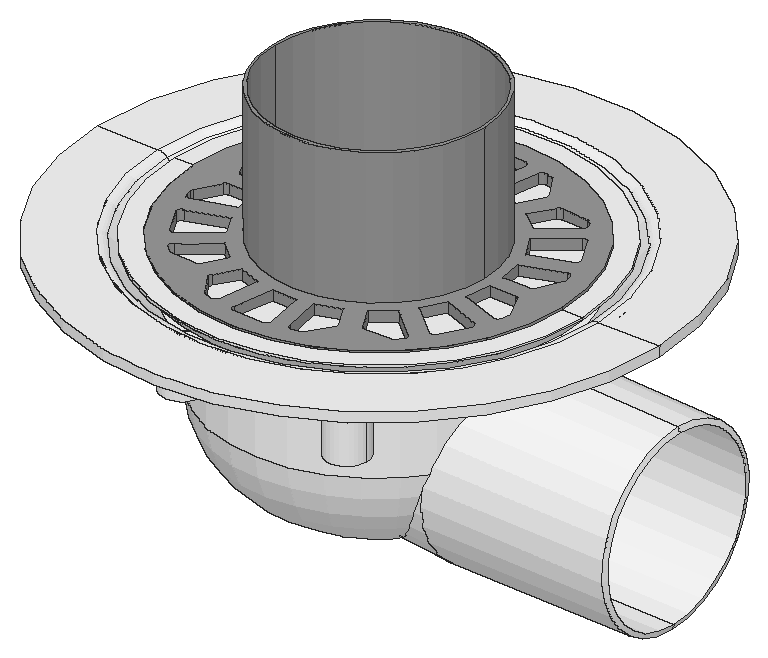
Revit family "3000.115.1 Down Pipe Junction", category Plumbing Fixtures, Revit 2016
Family settings
  Part Type = Normal
  Round Connector Dimension = Use Diameter
  OmniClass Number = 23.13.41.39
  OmniClass Title = Roof Drains
  Work Plane-Based = No
  Always vertical = Yes
  Cut with Voids When Loaded = No
  Shared = No
  Room Calculation Point = No
Parameters (values of type "80x80")
  Waste Connection = yes
  Vent Connection = no
  URL = "www.aquaknight.co.nz"
  Phone = "+6498322214"  # constant formula
  Model = "3000.115.1"
  Manufacturer = "Aquanight Industries Ltd"  # constant formula
  HW Connection = no
  Email = "info@aquaknight.co.nz"  # constant formula
  Description = "DownPipe Junction 80x80 vented SE"
  Connector Diameter = 80 mm
  CW Connection = no
Reference planes
  plane 1 "Center (Front/Back)": y = 0
  plane 2: z = 0
  plane 3 "Center (Left/Right)": x = 0
  plane 4: z = -98.753
  plane 5: through (171.759, -1524, -66.124) normal (-0.0302, 0, -0.9995)
Forms (mm)
  Revolve 1, solid, material "Plastic, Glossy White"
    sketch origin (0, 0, -4) x (1, 0, 0) y (0, 0, 1)
      loop
        line (72.865, -12.5) -> (58.876, -12.5) -> (58.531, -52.082)
        arc (58.531, -52.082) -> (45.849, -75.63) -> (21.355, -86.373) r 41.062
        line (21.355, -86.373) -> (0, -87.991) -> (0, -92.01) -> (21.355, -90.392)
        arc (21.355, -90.392) -> (49.575, -77.605) -> (62.876, -49.626) r 45.069
        line (62.876, -49.626) -> (62.876, -19.5) -> (74.07, -19.5)
        arc (74.07, -19.5) -> (76.898, -18.328) -> (78.07, -15.5) r 4
        line (78.07, -15.5) -> (78.07, -13.768)
        arc (78.07, -13.768) -> (78.244, -12.852) -> (78.742, -12.063) r 2.5
        line (78.742, -12.063) -> (89.249, -0.795)
        arc (89.249, -0.795) -> (90.081, -0.207) -> (91.078, 0) r 2.5
        line (91.078, 0) -> (115.126, 0) -> (115.126, 4) -> (90.425, 4)
        arc (90.425, 4) -> (88.432, 3.585) -> (86.769, 2.41) r 5
        line (86.769, 2.41) -> (72.865, -12.5)
      loop
        line (43.5, -5.5) -> (75.5, -5.5) -> (83.653, 2.653) -> (83.653, 3.5) -> (75.376, 3.5) -> (75.376, -1) -> (43.5, -1) -> (43.5, -5.5)
      axis (0, 4) -> (0, -92.01)
    angle from 0 to 360
  Extrusion 2, solid, material "Plastic, Glossy White", detail levels fine
    sketch origin (0, 0, -4) x (1, 0, 0) y (0, 1, 0)
      loop
        circle (67.55, 0) r 8.2
      loop
        circle (33.775, 58.5) r 8.2
      loop
        circle (33.775, -58.5) r 8.2
      loop
        circle (-67.55, 0) r 8.2
      loop
        circle (-33.775, 58.5) r 8.2
      loop
        circle (-33.775, -58.5) r 8.2
    from -38.379 to -12.5
  Extrusion 3, solid, material "Stainless Steel", detail levels medium+fine
    sketch origin (0, -279.02, 0) x (1, 0, 0) y (0, 1, 0)
      loop
        circle (0, 279.02) r 75.25
      loop
        arc (-4.595, 327.749) -> (0.445, 328.02) -> (5.485, 327.771) r 49
        line (5.485, 327.771) -> (8.296, 343.922)
        arc (8.296, 343.922) -> (7.912, 345.484) -> (6.502, 346.257) r 2
        arc (6.502, 346.257) -> (0.404, 346.52) -> (-5.694, 346.23) r 67.5
        arc (-5.694, 346.23) -> (-7.1, 345.45) -> (-7.478, 343.887) r 2
        line (-7.478, 343.887) -> (-4.595, 327.749)
      loop
        arc (-26.107, 334.133) -> (-26.433, 333.091) -> (-26.164, 332.033) r 2
        line (-26.164, 332.033) -> (-20.951, 323.05)
        arc (-20.951, 323.05) -> (-16.308, 325.028) -> (-11.486, 326.518) r 49
        line (-11.486, 326.518) -> (-14.368, 342.655)
        arc (-14.368, 342.655) -> (-15.263, 343.992) -> (-16.853, 344.237) r 2
        arc (-16.853, 344.237) -> (-18.141, 343.88) -> (-19.422, 343.497) r 67.5
        arc (-19.422, 343.497) -> (-20.034, 343.184) -> (-20.504, 342.681) r 2
        line (-20.504, 342.681) -> (-26.107, 334.133)
      loop
        arc (-51.781, 318.176) -> (-53.326, 318.625) -> (-54.702, 317.791) r 2
        arc (-54.702, 317.791) -> (-57.978, 312.641) -> (-60.776, 307.216) r 67.5
        arc (-60.776, 307.216) -> (-60.804, 305.608) -> (-59.639, 304.499) r 2
        line (-59.639, 304.499) -> (-44.222, 298.926)
        arc (-44.222, 298.926) -> (-41.937, 303.426) -> (-39.201, 307.667) r 49
        line (-39.201, 307.667) -> (-51.781, 318.176)
      loop
        arc (-62.019, 297.916) -> (-63.623, 297.809) -> (-64.63, 296.555) r 2
        arc (-64.63, 296.555) -> (-64.964, 295.261) -> (-65.273, 293.96) r 67.5
        arc (-65.273, 293.96) -> (-65.308, 293.275) -> (-65.109, 292.617) r 2
        line (-65.109, 292.617) -> (-60.507, 283.489)
        arc (-60.507, 283.489) -> (-59.768, 282.685) -> (-58.716, 282.389) r 2
        line (-58.716, 282.389) -> (-48.33, 282.412)
        arc (-48.33, 282.412) -> (-47.722, 287.422) -> (-46.601, 292.343) r 49
        line (-46.601, 292.343) -> (-62.019, 297.916)
      loop
        line (-27.932, 319.657) -> (-33.105, 328.664)
        arc (-33.105, 328.664) -> (-33.888, 329.427) -> (-34.955, 329.664) r 2
        line (-34.955, 329.664) -> (-45.159, 329.086)
        arc (-45.159, 329.086) -> (-45.828, 328.93) -> (-46.404, 328.557) r 2
        arc (-46.404, 328.557) -> (-47.376, 327.639) -> (-48.33, 326.702) r 67.5
        arc (-48.33, 326.702) -> (-48.912, 325.204) -> (-48.203, 323.76) r 2
        line (-48.203, 323.76) -> (-35.668, 313.195)
        arc (-35.668, 313.195) -> (-31.966, 316.626) -> (-27.932, 319.657) r 49
      loop
        line (26.107, 334.133) -> (20.504, 342.681)
        arc (20.504, 342.681) -> (20.034, 343.184) -> (19.422, 343.497) r 2
        arc (19.422, 343.497) -> (18.141, 343.88) -> (16.853, 344.237) r 67.5
        arc (16.853, 344.237) -> (15.263, 343.992) -> (14.368, 342.655) r 2
        line (14.368, 342.655) -> (11.486, 326.518)
        arc (11.486, 326.518) -> (16.308, 325.028) -> (20.951, 323.05) r 49
        line (20.951, 323.05) -> (26.164, 332.033)
        arc (26.164, 332.033) -> (26.433, 333.091) -> (26.107, 334.133) r 2
      loop
        line (51.781, 318.176) -> (39.201, 307.667)
        arc (39.201, 307.667) -> (41.937, 303.426) -> (44.222, 298.926) r 49
        line (44.222, 298.926) -> (59.639, 304.499)
        arc (59.639, 304.499) -> (60.804, 305.608) -> (60.776, 307.216) r 2
        arc (60.776, 307.216) -> (57.978, 312.641) -> (54.702, 317.791) r 67.5
        arc (54.702, 317.791) -> (53.326, 318.625) -> (51.781, 318.176) r 2
      loop
        line (62.019, 297.916) -> (46.601, 292.343)
        arc (46.601, 292.343) -> (47.722, 287.422) -> (48.33, 282.412) r 49
        line (48.33, 282.412) -> (58.716, 282.389)
        arc (58.716, 282.389) -> (59.768, 282.685) -> (60.507, 283.489) r 2
        line (60.507, 283.489) -> (65.109, 292.617)
        arc (65.109, 292.617) -> (65.308, 293.275) -> (65.273, 293.96) r 2
        arc (65.273, 293.96) -> (64.964, 295.261) -> (64.63, 296.555) r 67.5
        arc (64.63, 296.555) -> (63.623, 297.809) -> (62.019, 297.916) r 2
      loop
        arc (27.932, 319.657) -> (31.966, 316.626) -> (35.668, 313.195) r 49
        line (35.668, 313.195) -> (48.203, 323.76)
        arc (48.203, 323.76) -> (48.912, 325.204) -> (48.33, 326.702) r 2
        arc (48.33, 326.702) -> (47.376, 327.639) -> (46.404, 328.557) r 67.5
        arc (46.404, 328.557) -> (45.828, 328.93) -> (45.159, 329.086) r 2
        line (45.159, 329.086) -> (34.955, 329.664)
        arc (34.955, 329.664) -> (33.888, 329.427) -> (33.105, 328.664) r 2
        line (33.105, 328.664) -> (27.932, 319.657)
      loop
        line (-4.595, 230.291) -> (-7.478, 214.153)
        arc (-7.478, 214.153) -> (-7.1, 212.59) -> (-5.694, 211.81) r 2
        arc (-5.694, 211.81) -> (0.404, 211.52) -> (6.502, 211.783) r 67.5
        arc (6.502, 211.783) -> (7.912, 212.556) -> (8.296, 214.118) r 2
        line (8.296, 214.118) -> (5.485, 230.269)
        arc (5.485, 230.269) -> (0.445, 230.02) -> (-4.595, 230.291) r 49
      loop
        line (-26.107, 223.907) -> (-20.504, 215.359)
        arc (-20.504, 215.359) -> (-20.034, 214.857) -> (-19.422, 214.543) r 2
        arc (-19.422, 214.543) -> (-18.141, 214.16) -> (-16.853, 213.803) r 67.5
        arc (-16.853, 213.803) -> (-15.263, 214.048) -> (-14.368, 215.385) r 2
        line (-14.368, 215.385) -> (-11.486, 231.522)
        arc (-11.486, 231.522) -> (-16.308, 233.012) -> (-20.951, 234.991) r 49
        line (-20.951, 234.991) -> (-26.164, 226.007)
        arc (-26.164, 226.007) -> (-26.433, 224.949) -> (-26.107, 223.907) r 2
      loop
        line (-51.781, 239.864) -> (-39.201, 250.373)
        arc (-39.201, 250.373) -> (-41.937, 254.614) -> (-44.222, 259.114) r 49
        line (-44.222, 259.114) -> (-59.639, 253.541)
        arc (-59.639, 253.541) -> (-60.804, 252.432) -> (-60.776, 250.824) r 2
        arc (-60.776, 250.824) -> (-57.978, 245.399) -> (-54.702, 240.249) r 67.5
        arc (-54.702, 240.249) -> (-53.326, 239.415) -> (-51.781, 239.864) r 2
      loop
        line (-62.019, 260.124) -> (-46.601, 265.697)
        arc (-46.601, 265.697) -> (-47.722, 270.618) -> (-48.33, 275.628) r 49
        line (-48.33, 275.628) -> (-58.716, 275.651)
        arc (-58.716, 275.651) -> (-59.768, 275.355) -> (-60.507, 274.551) r 2
        line (-60.507, 274.551) -> (-65.109, 265.423)
        arc (-65.109, 265.423) -> (-65.308, 264.766) -> (-65.273, 264.08) r 2
        arc (-65.273, 264.08) -> (-64.964, 262.779) -> (-64.63, 261.485) r 67.5
        arc (-64.63, 261.485) -> (-63.623, 260.231) -> (-62.019, 260.124) r 2
      loop
        arc (-27.932, 238.383) -> (-31.966, 241.414) -> (-35.668, 244.845) r 49
        line (-35.668, 244.845) -> (-48.203, 234.28)
        arc (-48.203, 234.28) -> (-48.912, 232.836) -> (-48.33, 231.338) r 2
        arc (-48.33, 231.338) -> (-47.376, 230.401) -> (-46.404, 229.483) r 67.5
        arc (-46.404, 229.483) -> (-45.828, 229.11) -> (-45.159, 228.954) r 2
        line (-45.159, 228.954) -> (-34.955, 228.376)
        arc (-34.955, 228.376) -> (-33.888, 228.613) -> (-33.105, 229.376) r 2
        line (-33.105, 229.376) -> (-27.932, 238.383)
      loop
        arc (26.107, 223.907) -> (26.433, 224.949) -> (26.164, 226.007) r 2
        line (26.164, 226.007) -> (20.951, 234.991)
        arc (20.951, 234.991) -> (16.308, 233.012) -> (11.486, 231.522) r 49
        line (11.486, 231.522) -> (14.368, 215.385)
        arc (14.368, 215.385) -> (15.263, 214.048) -> (16.853, 213.803) r 2
        arc (16.853, 213.803) -> (18.141, 214.16) -> (19.422, 214.543) r 67.5
        arc (19.422, 214.543) -> (20.034, 214.857) -> (20.504, 215.359) r 2
        line (20.504, 215.359) -> (26.107, 223.907)
      loop
        arc (51.781, 239.864) -> (53.326, 239.415) -> (54.702, 240.249) r 2
        arc (54.702, 240.249) -> (57.978, 245.399) -> (60.776, 250.824) r 67.5
        arc (60.776, 250.824) -> (60.804, 252.432) -> (59.639, 253.541) r 2
        line (59.639, 253.541) -> (44.222, 259.114)
        arc (44.222, 259.114) -> (41.937, 254.614) -> (39.201, 250.373) r 49
        line (39.201, 250.373) -> (51.781, 239.864)
      loop
        arc (62.019, 260.124) -> (63.623, 260.231) -> (64.63, 261.485) r 2
        arc (64.63, 261.485) -> (64.964, 262.779) -> (65.273, 264.08) r 67.5
        arc (65.273, 264.08) -> (65.308, 264.766) -> (65.109, 265.423) r 2
        line (65.109, 265.423) -> (60.507, 274.551)
        arc (60.507, 274.551) -> (59.768, 275.355) -> (58.716, 275.651) r 2
        line (58.716, 275.651) -> (48.33, 275.628)
        arc (48.33, 275.628) -> (47.722, 270.618) -> (46.601, 265.697) r 49
        line (46.601, 265.697) -> (62.019, 260.124)
      loop
        line (27.932, 238.383) -> (33.105, 229.376)
        arc (33.105, 229.376) -> (33.888, 228.613) -> (34.955, 228.376) r 2
        line (34.955, 228.376) -> (45.159, 228.954)
        arc (45.159, 228.954) -> (45.828, 229.11) -> (46.404, 229.483) r 2
        arc (46.404, 229.483) -> (47.376, 230.401) -> (48.33, 231.338) r 67.5
        arc (48.33, 231.338) -> (48.912, 232.836) -> (48.203, 234.28) r 2
        line (48.203, 234.28) -> (35.668, 244.845)
        arc (35.668, 244.845) -> (31.966, 241.414) -> (27.932, 238.383) r 49
      loop
        circle (0, 279.02) r 43.5
    from -4 to 0
  Extrusion 4, solid, material "Stainless Steel"
    sketch origin (0, 0, 0) x (1, 0, 0) y (0, 1, 0)
      loop
        circle (0, 0) r 42.5
      loop
        circle (0, 0) r 43.5
    from -14 to 55
  Revolve 5, solid, material "Plastic, Glossy White"
    sketch origin (0, 0, 0) x (1, 0, 0) y (0, 0, 1)
      loop
        line (46.681, -100.738) -> (120.46, -102.097)
        arc (120.46, -102.097) -> (120.795, -101.104) -> (121.121, -100.109) r 127.3
        line (121.121, -100.109) -> (46.792, -98.739) -> (-21.98, -92.364) -> (-22.165, -94.356) -> (46.681, -100.738)
      axis (-21.135, -60.292) -> (122.194, -64.625)
    angle from 0 to 360
Lines and regions (mm)
  model lines, detail levels fine
    curve 1: circle (53.5, 92.665, 0) r 4.5 normal (0, 0, 1)
    curve 2: circle (107, 0, 0) r 4.5 normal (0, 0, -1)
    curve 3: circle (53.5, -92.665, 0) r 4.5 normal (0, 0, -1)
    curve 4: circle (-53.5, 92.665, 0) r 4.5 normal (0, 0, -1)
    curve 5: circle (-107, 0, 0) r 4.5 normal (0, 0, 1)
    curve 6: circle (-53.5, -92.665, 0) r 4.5 normal (0, 0, 1)
  reference lines
    curve 7: line (86.076, 0, -22.1) -> (83.356, 0, -112.058)
  model lines
    curve 8: line (84.824, 0, -63.496) -> (86.744, 0, 0)
Dimensions and locks
  level to plane 4 = 98.753 mm
  locked: curve 7 to plane 3 "Center (Left/Right)" at 83.356
  locked: connector elem to plane 5 at 0
  locked: curve 7 to plane 5 (angle 90.00°)
  aligned and locked: level to plane 2
Connectors
  piping at (84.824, 0, -63.496), diameter 80, driven by "Connector Diameter"
    settings: on curve 7, index 1, connector inside diameter 609.6 mm, connector length 0 mm, flow factor 0, pipe flow 0.0 L/s, pressure drop 0.0 Pa, fitting loss kfactor 0, connector angle 0.00°, fixture units 0, engagement length 0 mm, angle of deflection 0.00°, flow configuration 0, flow direction 0, fitting loss method 0, system type 28, joint type 0, gender type 0, connector reference index -1, connector utility 0, adjustable connector no, is connector primary yes, connector description ""
